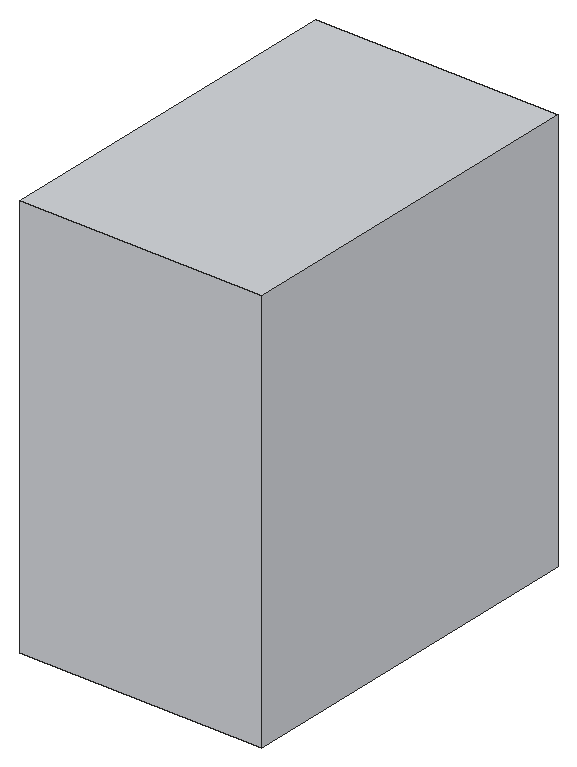
Revit family
Parameters
  Warranty Duration (Years) = 0
  Unit Width [instance] = 1' - 5 1/4"
  Unit Height [instance] = 4' - 6"
  Unit Depth = 0' - 0 1/2"
  URL = "http://www.americanspecialties.com/viewCategories.cfm"
  Trim Material = Metal - Stainless Steel
  Test Data = ""
  Specification = "http://www.arcat.com/sdspecs/htm/10810asi.htm"
  SpecWizard = ""
  Send Message = "http://www.arcat.com/users.pl?action=UserEmail&company=American%20Specialties,%20Inc.&coid=30448&rep=139&fax=914-476-0688&mf="
  Sales Information = "http://www.americanspecialties.com/contact"
  Revision = "R1_10-2010"
  Product Properties = "http://www.americanspecialties.com/datasheets/6462-9.pdf"
  Product Data = "http://www.arcat.com/arcatcos/cos30/arc30448.html"
  Model = "As Specified in 10 28 13"
  Manufacturer Website = "http://www.americanspecialties.com/viewCategories.cfm"
  Manufacturer Phone - Toll Free = ""
  Manufacturer Phone = "914-476-9000 "
  Manufacturer Fax = "914-476-0688"
  Manufacturer Address = "441 Saw Mill River Rd., Yonkers, NY 10701"
  Manufacturer = "American Specialties, Inc."
  Maintenance Schedule (Months) = 0
  Keynote = "10 28 13"
  Installation-Fabrication = "http://www.americanspecialties.com/products.cfm"
  Green Building-LEED = ""
  Expected Lifespan (Years) = 0
  Drawn By = "Robert S. Weygant. CSI, CDT, SCIP"  # constant formula
  Description = "Toilet Accessory as Specified in 10 28 13"
  Default Elevation = 4' - 0"
  Copyright = "©Arcat Inc."
  Construction Details = "http://www.arcat.com/green/clients/leed_data_30448.html"
  Building Codes = "http://www.americanspecialties.com/products.cfm"
  Body Material = Metal - Stainless Steel
  Assembly Code = "C1030210"
Reference planes (in)
  plane 1 "Center (Front/Back)": y = -0.29112
  plane 2 "Floor Line": z = 0
  plane 3 "Center (Left/Right)": x = -0.65843
Forms (in)
  Extrusion 1, solid
    sketch origin (-3, -9, -6) x (0, 0, -1) y (1, 0, 0)
      loop
        line (-82, 26) -> (-82, -19.34712) -> (-6, -19.34712) -> (-6, 26) -> (-82, 26)
    from 28.29112 to -41.06337
  Extrusion 2, solid, material "Metal - Stainless Steel" <- "Body Material"
    sketch origin (0, 0, 4) x (1, 0, 0) y (0, 1, 0)
      loop
        line (-8.28343, 25.70888) -> (-8.28343, -26.29112) -> (6.96657, -26.29112) -> (6.96657, 25.70888) -> (-8.28343, 25.70888)
    from 2 to -4
  Extrusion 3, solid, material "Metal - Stainless Steel" <- "Body Material"
    sketch origin (-0.90625, -0.29112, 6) x (1, 0, 0) y (0, 0, 1)
      loop
        line (-8.37718, 0) -> (8.87282, 0) -> (8.87282, 0.5) -> (-8.37718, 0.5) -> (-8.37718, 0)
    from -27 to 27
  Extrusion 4, void
    sketch origin (-0.65843, 1, 6) x (0, 1, 0) y (0, 0, 1)
      loop
        line (6.20888, -5.96875) -> (8.70888, 0) -> (8.70888, 0.96074) -> (-0.29112, 0.96074) -> (-0.29112, -5.96875) -> (6.20888, -5.96875)
    from -7.60938 to 7.60938
  Extrusion 5, void
    sketch origin (-0.65843, 0, 4) x (0, 1, 0) y (0, 0, 1)
      loop
        line (0.70888, 1.9851) -> (-26.25987, 1.9851) -> (-26.25987, -3.96875) -> (0.70888, -3.96875) -> (0.70888, 1.9851)
    from -7.60938 to 7.60938
  Extrusion 6, void
    sketch origin (-34, 1.05662, 7.67164) x (1, 0, 0) y (0, 0.386329, 0.922361)
      loop
        line (28.09288, -1.93126) -> (28.85535, -1.93126)
        arc (28.85535, -1.93126) -> (33.22411, -2.34853) -> (37.59288, -1.93126) r 23.07885
        line (37.59288, -1.93126) -> (38.36783, -1.93126)
        arc (38.36783, -1.93126) -> (38.54891, -1.67833) -> (38.35535, -1.43482) r 0.2582
        line (38.35535, -1.43482) -> (37.60535, -1.43482)
        arc (37.60535, -1.43482) -> (33.23035, -0.48426) -> (28.85535, -1.43482) r 10.54338
        line (28.85535, -1.43482) -> (28.10535, -1.43482)
        arc (28.10535, -1.43482) -> (27.91179, -1.67833) -> (28.09288, -1.93126) r 0.2582
    from -8.87631 to -8.62631
  Extrusion 7, solid, material "Metal - Stainless Steel" <- "Trim Material"
    sketch origin (0, 0, 5.5625) x (1, 0, 0) y (0, 1, 0)
      loop
        circle (-7.28343, -17.29112) r 0.5
      loop
        line (-7.34025, -16.87247) -> (-7.34025, -17.72198) -> (-7.22662, -17.72198) -> (-7.22662, -16.87247) -> (-7.34025, -16.87247)
      loop
        circle (-7.28343, 16.70888) r 0.5
      loop
        line (-7.34025, 16.29024) -> (-7.22662, 16.29024) -> (-7.22662, 17.13975) -> (-7.34025, 17.13975) -> (-7.34025, 16.29024)
    from 0.9375 to 1
  Extrusion 8, solid, material "Metal - Stainless Steel" <- "Body Material"
    sketch origin (0, 0, 4) x (1, 0, 0) y (0, 1, 0)
      loop
        line (-9.28343, 26.70888) -> (-9.28343, -27.29112) -> (7.96657, -27.29112) -> (7.96657, 26.70888) -> (-9.28343, 26.70888)
      loop
        line (-8.28343, 25.70888) -> (-8.28343, -26.29112) -> (6.96657, -26.29112) -> (6.96657, 25.70888) -> (-8.28343, 25.70888)
    from -4 to 2
Cuts and joins
  Extrusion 4, Extrusion 5, Extrusion 6 cuts Extrusion 2
  Extrusion 4 cuts Extrusion 3
  Extrusion 4 cuts Extrusion 7
  Extrusion 4 cuts Extrusion 8
Dimensions and locks (in)
  Extrusion 3 sketch curve to Extrusion 3 sketch curve = 1' - 5 1/4"
  Extrusion 3 sketch curve to Extrusion 3 sketch curve = 0' - 0 1/2"
  aligned and locked: Extrusion 1 to level
